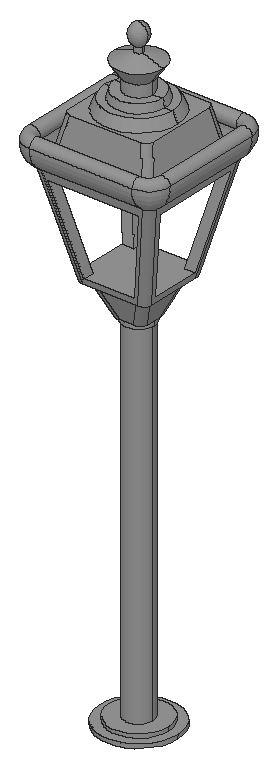
Revit family "9932 Торшер «Ретро» Хоббика", category Антураж, Revit 2018
Family settings
  На основе рабочей плоскости = Нет
  Всегда вертикально = Да
  При загрузке вырезать с полостями = Нет
  Источник визуального образа = Геометрия семейства
  Общий = Нет
  Точка расчета площади = Нет
Parameters (values of type "Торшер «Ретро»")
  Ширина = 370 mm  # constant formula
  Цвет каркаса = Сталь
  Описание = "Торшер «Ретро»"  # constant formula
  Материал изделия = "Сталь"  # constant formula
  Изображение типоразмера = Торшер «Ретро» Арт 9932.jpg
  Изготовитель = "ООО «Хоббика»"  # constant formula
  Длина = 370 mm  # constant formula
  Группа модели = "Светильники со стальными опорами"  # constant formula
  Высота = 1600 mm  # constant formula
  Артикул товара = "Арт. 9932"  # constant formula
  URL = "https://hobbyka.ru/product/torsher_retro/"
Reference planes
  plane 1 "По центру (Вперед/Назад)": y = 0
  plane 2: z = 0
  plane 3 "По центру (Влево/Вправо)": x = 0
  plane 4: y = 370
  plane 5: x = 370
  plane 6: z = 1600
Forms (mm)
  Extrusion 1, solid, material "Сталь" <- "Цвет каркаса"
    sketch origin (0, 0, 0) x (1, 0, 0) y (0, 1, 0)
      loop
        circle (183.219, 183.219) r 98.603
    from 0 to 10
  Extrusion 2, solid, material "Сталь" <- "Цвет каркаса"
    sketch origin (0, 0, 0) x (1, 0, 0) y (0, 1, 0)
      loop
        circle (183.219, 183.219) r 75
    from 10 to 20
  Extrusion 3, solid, material "Сталь" <- "Цвет каркаса"
    sketch origin (0, 0, 0) x (1, 0, 0) y (0, 1, 0)
      loop
        circle (183.219, 183.219) r 35.423
    from 20 to 920.846
Cuts and joins
  joined: Extrusion 1, Extrusion 2, Extrusion 3
Dimensions and locks
  "Длина": plane 3 "По центру (Влево/Вправо)" to plane 5
  "Ширина": plane 4 to plane 1 "По центру (Вперед/Назад)"
  "Высота": plane 6 to plane 2
  aligned and locked: level to plane 2
  aligned and locked: nested 1 to plane 1 "По центру (Вперед/Назад)"
  aligned and locked: plane 3 "По центру (Влево/Вправо)" to nested 1
  aligned and locked: nested 1 to plane 6
Automatic sketch dimensions
  plane 3 "По центру (Влево/Вправо)" to Extrusion 1 sketch curve = 183.219 mm
  Extrusion 1 sketch curve to plane 1 "По центру (Вперед/Назад)" = 183.219 mm
  plane 3 "По центру (Влево/Вправо)" to Extrusion 2 sketch curve = 183.219 mm
  Extrusion 2 sketch curve to plane 1 "По центру (Вперед/Назад)" = 183.219 mm
  plane 3 "По центру (Влево/Вправо)" to Extrusion 3 sketch curve = 183.219 mm
  Extrusion 3 sketch curve to plane 1 "По центру (Вперед/Назад)" = 183.219 mm
  radius of Extrusion 1 sketch curve = 98.603 mm
  radius of Extrusion 2 sketch curve = 75 mm
  radius of Extrusion 3 sketch curve = 35.423 mm
Nested families
  nested 1: "Стальной фонарный столб Ретро Севетильник" at (183.219, 183.219, 202.536), type "Стальной фонарный столб Ретро Севетильник"
Definition of nested family "Стальной фонарный столб Ретро Севетильник"
  Parameters (values of type "Стальной фонарный столб Ретро Севетильник")
    Цвет каркаса = none
    Height = 0 mm
  Reference planes
    plane 1 "По центру (Вперед/Назад)": y = 0
    plane 2: z = 0
    plane 3 "По центру (Влево/Вправо)": x = 0
    plane 4: z = 1397.464
  Forms (mm)
    Extrusion 1, solid, material <- "Цвет каркаса"
      sketch origin (0, 0, 0) x (1, 0, 0) y (0, 1, 0)
        loop
          circle (0, 0) r 25
      from 0 to 718.31
    Blend 2, solid, material <- "Цвет каркаса", not visible
      base sketch origin (0, 0, 0) x (1, 0, 0) y (0, 1, 0)
        loop
          arc (-590, 90) -> (-604.142, 84.142) -> (-610, 70) r 20
          line (-610, 70) -> (-610, -70)
          arc (-610, -70) -> (-604.142, -84.142) -> (-590, -90) r 20
          line (-590, -90) -> (-450, -90)
          arc (-450, -90) -> (-435.858, -84.142) -> (-430, -70) r 20
          line (-430, -70) -> (-430, 70)
          arc (-430, 70) -> (-435.858, 84.142) -> (-450, 90) r 20
          line (-450, 90) -> (-590, 90)
      top sketch origin (0, 0, 0) x (1, 0, 0) y (0, 1, 0)
        loop
          arc (-650, 150) -> (-664.142, 144.142) -> (-670, 130) r 20
          line (-670, 130) -> (-670, -130)
          arc (-670, -130) -> (-664.142, -144.142) -> (-650, -150) r 20
          line (-650, -150) -> (-390, -150)
          arc (-390, -150) -> (-375.858, -144.142) -> (-370, -130) r 20
          line (-370, -130) -> (-370, 130)
          arc (-370, 130) -> (-375.858, 144.142) -> (-390, 150) r 20
          line (-390, 150) -> (-650, 150)
      from 580.468 to 847.079
    Extrusion 3, solid, material <- "Цвет каркаса", not visible
      sketch origin (0, 0, 0) x (1, 0, 0) y (0, 1, 0)
        loop
          circle (-520, 0) r 40
      from 484.979 to 496.04
    Blend 4, solid, material <- "Цвет каркаса", not visible
      base sketch origin (0, 0, 0) x (1, 0, 0) y (0, 1, 0)
        loop
          arc (-540, 40) -> (-554.142, 34.142) -> (-560, 20) r 20
          line (-560, 20) -> (-560, -20)
          arc (-560, -20) -> (-554.142, -34.142) -> (-540, -40) r 20
          line (-540, -40) -> (-500, -40)
          arc (-500, -40) -> (-485.858, -34.142) -> (-480, -20) r 20
          line (-480, -20) -> (-480, 20)
          arc (-480, 20) -> (-485.858, 34.142) -> (-500, 40) r 20
          line (-500, 40) -> (-540, 40)
      top sketch origin (0, 0, 0) x (1, 0, 0) y (0, 1, 0)
        loop
          arc (-575, 75) -> (-589.142, 69.142) -> (-595, 55) r 20
          line (-595, 55) -> (-595, -55)
          arc (-595, -55) -> (-589.142, -69.142) -> (-575, -75) r 20
          line (-575, -75) -> (-465, -75)
          arc (-465, -75) -> (-450.858, -69.142) -> (-445, -55) r 20
          line (-445, -55) -> (-445, 55)
          arc (-445, 55) -> (-450.858, 69.142) -> (-465, 75) r 20
          line (-465, 75) -> (-575, 75)
      from 496.04 to 580.468
    Extrusion 5, void, not visible
      sketch origin (0, 0, 0) x (1, 0, 0) y (0, 0, 1)
        loop
          line (-635, 824.979) -> (-585, 594.979) -> (-455, 594.979) -> (-405, 824.979) -> (-635, 824.979)
      from -150 to 150
    Extrusion 6, void, not visible
      sketch origin (-520, 520, 0) x (0, 1, 0) y (0, 0, 1)
        loop
          line (-635, 824.979) -> (-585, 594.979) -> (-455, 594.979) -> (-405, 824.979) -> (-635, 824.979)
      from -150 to 150
    Sweep 7, solid, material <- "Цвет каркаса", not visible
      path origin (0, 0, 0) x (1, 0, 0) y (0, 1, 0)
        loop
          line (-390, 150) -> (-650, 150)
          arc (-650, 150) -> (-664.142, 144.142) -> (-670, 130) r 20
          line (-670, 130) -> (-670, -130)
          arc (-670, -130) -> (-664.142, -144.142) -> (-650, -150) r 20
          line (-650, -150) -> (-390, -150)
          arc (-390, -150) -> (-375.858, -144.142) -> (-370, -130) r 20
          line (-370, -130) -> (-370, 130)
          arc (-370, 130) -> (-375.858, 144.142) -> (-390, 150) r 20
      profile origin (-670, 0, 0) x (1, 0, 0) y (0, 0, 1)
        loop
          arc (-33.219, 907.974) -> (-26.14, 872.327) -> (0, 847.079) r 60.827
          line (0, 847.079) -> (2.794, 847.079)
          arc (2.794, 847.079) -> (-9.841, 867.165) -> (-13.358, 890.634) r 57.9
          arc (-13.358, 890.634) -> (-4.209, 921.156) -> (-33.219, 907.974) r 17.5
    Blend 8, solid, material <- "Цвет каркаса", not visible
      base sketch origin (0, 0, 0) x (1, 0, 0) y (0, 1, 0)
        loop
          line (-405, 132.206) -> (-635, 132.206)
          arc (-635, 132.206) -> (-647.166, 127.166) -> (-652.206, 115) r 17.206
          line (-652.206, 115) -> (-652.206, -115)
          arc (-652.206, -115) -> (-647.166, -127.166) -> (-635, -132.206) r 17.206
          line (-635, -132.206) -> (-405, -132.206)
          arc (-405, -132.206) -> (-392.834, -127.166) -> (-387.794, -115) r 17.206
          line (-387.794, -115) -> (-387.794, 115)
          arc (-387.794, 115) -> (-392.834, 127.166) -> (-405, 132.206) r 17.206
      top sketch origin (0, 0, 0) x (1, 0, 0) y (0, 1, 0)
        loop
          line (-430, 107.206) -> (-610, 107.206)
          arc (-610, 107.206) -> (-622.166, 102.166) -> (-627.206, 90) r 17.206
          line (-627.206, 90) -> (-627.206, -90)
          arc (-627.206, -90) -> (-622.166, -102.166) -> (-610, -107.206) r 17.206
          line (-610, -107.206) -> (-430, -107.206)
          arc (-430, -107.206) -> (-417.834, -102.166) -> (-412.794, -90) r 17.206
          line (-412.794, -90) -> (-412.794, 90)
          arc (-412.794, 90) -> (-417.834, 102.166) -> (-430, 107.206) r 17.206
      from 847.079 to 964.043
    Revolve 9, solid, material <- "Цвет каркаса", not visible
      sketch origin (0, 0, 0) x (1, 0, 0) y (0, 0, 1)
        loop
          line (-520, 1164.043) -> (-520, 964.043) -> (-421.397, 964.043) -> (-434.401, 989.887) -> (-454.401, 989.887) -> (-459.577, 1009.205) -> (-484.577, 1009.205) -> (-484.577, 1039.205) -> (-458.766, 1076.067) -> (-510.449, 1094.878) -> (-510.449, 1109.878)
          arc (-510.449, 1109.878) -> (-497.531, 1140.08) -> (-520, 1164.043) r 30.03
        axis (-520, 964.043) -> (-520, 1164.043)
      angle from 0 to 360
    Blend 10, solid, material <- "Цвет каркаса"
      base sketch origin (520, 0, 233.332) x (1, 0, 0) y (0, 1, 0)
        loop
          arc (-590, 90) -> (-604.142, 84.142) -> (-610, 70) r 20
          line (-610, 70) -> (-610, -70)
          arc (-610, -70) -> (-604.142, -84.142) -> (-590, -90) r 20
          line (-590, -90) -> (-450, -90)
          arc (-450, -90) -> (-435.858, -84.142) -> (-430, -70) r 20
          line (-430, -70) -> (-430, 70)
          arc (-430, 70) -> (-435.858, 84.142) -> (-450, 90) r 20
          line (-450, 90) -> (-590, 90)
      top sketch origin (520, 0, 233.332) x (1, 0, 0) y (0, 1, 0)
        loop
          arc (-650, 150) -> (-664.142, 144.142) -> (-670, 130) r 20
          line (-670, 130) -> (-670, -130)
          arc (-670, -130) -> (-664.142, -144.142) -> (-650, -150) r 20
          line (-650, -150) -> (-390, -150)
          arc (-390, -150) -> (-375.858, -144.142) -> (-370, -130) r 20
          line (-370, -130) -> (-370, 130)
          arc (-370, 130) -> (-375.858, 144.142) -> (-390, 150) r 20
          line (-390, 150) -> (-650, 150)
      from 580.468 to 847.079
    Extrusion 11, solid, material <- "Цвет каркаса"
      sketch origin (520, 0, 233.332) x (1, 0, 0) y (0, 1, 0)
        loop
          circle (-520, 0) r 40
      from 484.979 to 496.04
    Blend 12, solid, material <- "Цвет каркаса"
      base sketch origin (520, 0, 233.332) x (1, 0, 0) y (0, 1, 0)
        loop
          arc (-540, 40) -> (-554.142, 34.142) -> (-560, 20) r 20
          line (-560, 20) -> (-560, -20)
          arc (-560, -20) -> (-554.142, -34.142) -> (-540, -40) r 20
          line (-540, -40) -> (-500, -40)
          arc (-500, -40) -> (-485.858, -34.142) -> (-480, -20) r 20
          line (-480, -20) -> (-480, 20)
          arc (-480, 20) -> (-485.858, 34.142) -> (-500, 40) r 20
          line (-500, 40) -> (-540, 40)
      top sketch origin (520, 0, 233.332) x (1, 0, 0) y (0, 1, 0)
        loop
          arc (-575, 75) -> (-589.142, 69.142) -> (-595, 55) r 20
          line (-595, 55) -> (-595, -55)
          arc (-595, -55) -> (-589.142, -69.142) -> (-575, -75) r 20
          line (-575, -75) -> (-465, -75)
          arc (-465, -75) -> (-450.858, -69.142) -> (-445, -55) r 20
          line (-445, -55) -> (-445, 55)
          arc (-445, 55) -> (-450.858, 69.142) -> (-465, 75) r 20
          line (-465, 75) -> (-575, 75)
      from 496.04 to 580.468
    Extrusion 13, void
      sketch origin (520, 0, 233.332) x (1, 0, 0) y (0, 0, 1)
        loop
          line (-635, 824.979) -> (-585, 594.979) -> (-455, 594.979) -> (-405, 824.979) -> (-635, 824.979)
      from -150 to 150
    Extrusion 14, void
      sketch origin (0, 520, 233.332) x (0, 1, 0) y (0, 0, 1)
        loop
          line (-635, 824.979) -> (-585, 594.979) -> (-455, 594.979) -> (-405, 824.979) -> (-635, 824.979)
      from -150 to 150
    Sweep 15, solid, material <- "Цвет каркаса"
      path origin (520, 0, 233.332) x (1, 0, 0) y (0, 1, 0)
        loop
          line (-390, 150) -> (-650, 150)
          arc (-650, 150) -> (-664.142, 144.142) -> (-670, 130) r 20
          line (-670, 130) -> (-670, -130)
          arc (-670, -130) -> (-664.142, -144.142) -> (-650, -150) r 20
          line (-650, -150) -> (-390, -150)
          arc (-390, -150) -> (-375.858, -144.142) -> (-370, -130) r 20
          line (-370, -130) -> (-370, 130)
          arc (-370, 130) -> (-375.858, 144.142) -> (-390, 150) r 20
      profile origin (-150, 0, 233.332) x (1, 0, 0) y (0, 0, 1)
        loop
          arc (-33.219, 907.974) -> (-26.14, 872.327) -> (0, 847.079) r 60.827
          line (0, 847.079) -> (2.794, 847.079)
          arc (2.794, 847.079) -> (-9.841, 867.165) -> (-13.358, 890.634) r 57.9
          arc (-13.358, 890.634) -> (-4.209, 921.156) -> (-33.219, 907.974) r 17.5
    Blend 16, solid, material <- "Цвет каркаса"
      base sketch origin (520, 0, 233.332) x (1, 0, 0) y (0, 1, 0)
        loop
          line (-405, 132.206) -> (-635, 132.206)
          arc (-635, 132.206) -> (-647.166, 127.166) -> (-652.206, 115) r 17.206
          line (-652.206, 115) -> (-652.206, -115)
          arc (-652.206, -115) -> (-647.166, -127.166) -> (-635, -132.206) r 17.206
          line (-635, -132.206) -> (-405, -132.206)
          arc (-405, -132.206) -> (-392.834, -127.166) -> (-387.794, -115) r 17.206
          line (-387.794, -115) -> (-387.794, 115)
          arc (-387.794, 115) -> (-392.834, 127.166) -> (-405, 132.206) r 17.206
      top sketch origin (520, 0, 233.332) x (1, 0, 0) y (0, 1, 0)
        loop
          line (-430, 107.206) -> (-610, 107.206)
          arc (-610, 107.206) -> (-622.166, 102.166) -> (-627.206, 90) r 17.206
          line (-627.206, 90) -> (-627.206, -90)
          arc (-627.206, -90) -> (-622.166, -102.166) -> (-610, -107.206) r 17.206
          line (-610, -107.206) -> (-430, -107.206)
          arc (-430, -107.206) -> (-417.834, -102.166) -> (-412.794, -90) r 17.206
          line (-412.794, -90) -> (-412.794, 90)
          arc (-412.794, 90) -> (-417.834, 102.166) -> (-430, 107.206) r 17.206
      from 847.079 to 964.043
    Revolve 17, solid, material <- "Цвет каркаса"
      sketch origin (520, 0, 233.332) x (1, 0, 0) y (0, 0, 1)
        loop
          line (-520, 1164.043) -> (-520, 964.043) -> (-421.397, 964.043) -> (-434.401, 989.887) -> (-454.401, 989.887) -> (-459.577, 1009.205) -> (-484.577, 1009.205) -> (-484.577, 1039.205) -> (-458.766, 1076.067) -> (-510.449, 1094.878) -> (-510.449, 1109.878)
          arc (-510.449, 1109.878) -> (-497.531, 1140.08) -> (-520, 1164.043) r 30.03
        axis (-520, 964.043) -> (-520, 1164.043)
      angle from 0 to 360
  Cuts and joins
    Extrusion 13, Extrusion 14 cuts Blend 10
  Dimensions and locks
    aligned and locked: level to plane 2
